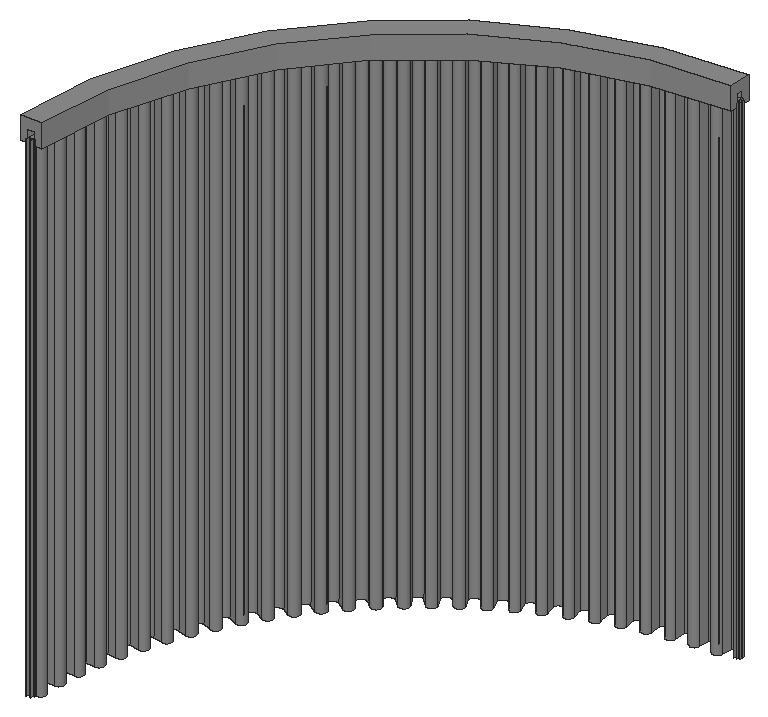
Revit family "Haworth_Pergola_Drapery_Radial", category Furniture Systems, Revit 2018
Family settings
  Round Connector Dimension = Use Diameter
  Part Type = Normal
  OmniClass Number = 23.40.70.14.64.21
  OmniClass Title = Systems Furniture
  Work Plane-Based = No
  Always vertical = Yes
  Cut with Voids When Loaded = No
  Shared = No
  Room Calculation Point = No
Parameters (values of type "72 in. radius - Closed Drapery")
  Warranty = "http://www.haworth.com/resources/product-info/warranties"
  URL - Product = "https://www.haworth.com/na/en/inspiration/pergola.html"
  URL = "http://www.haworth.com"
  Trim Finish = Haworth _ Paint _ Undecided _ Pergola
  Standard Radius = "72 in."  # constant formula
  Slat Count = ((Actual Width - (End Slat Offset * 2)) / 6") + 1  # 12
  Slat Center Offset = Actual Width - 5/256"  # 71 251/256"
  Half Open Drapery = no
  End Slat Offset = 3"  # constant formula
  End RP Angle = 2.33°  # constant formula
  Drapery Top Offset = 1/2"  # constant formula
  Curtain Finish = Haworth _ Fabic _ Undecided _ Pergola
  Closed Drapery = not(Half Open Drapery)  # yes
  Bracket Thickness = 25/128"  # constant formula
  Sustainability Info = "http://www.haworth.com/company-info/sustainablility"
  Model = "Haworth Pergola"  # constant formula
  Description = "Haworth - Pergola Drapery - Radial"  # constant formula
  Base Height = 1 1/2"  # constant formula
  Array Count = 19  # constant formula
  Actual Depth = 4"  # constant formula
  Size = "Verify Final Dim. w/ Haworth"  # constant formula
  Revision Number = "1"  # constant formula
  Min. Width = 72"  # constant formula
  Max. Width = 72"  # constant formula
  Min. Height = 89 1/2"  # constant formula
  Max. Height = 89 1/2"  # constant formula
  Manufacturer = "Haworth"  # constant formula
  Author = "Haworth (Alias)"  # constant formula
  Assembly Code = "E2020200"
  Actual Width = 72"  # constant formula
  Actual Height = 91 1/4"  # constant formula
Reference planes (in)
  plane 1 "Center F/B": y = 0
  plane 2 "Bottom": z = 0
  plane 3 "Center L/R": x = 1.5
  plane 4 "Top": z = 92.75
  plane 5 "Base Top": z = 1.5
  plane 6 "End Left Slat": x = -67.5
  plane 7: through (-75.62626, 3.14376, 48) normal (0.0407, 0.9992, 0)
  plane 8: through (1.28788, -5.20434, 48) normal (-0.9992, 0.0407, 0)
  plane 9: through (-1.63838, 77.12648, 48) normal (0.9992, 0.0407, 0)
  plane 10: through (-13.51305, -0.61191, 48) normal (-0.0407, 0.9992, 0)
  plane 11: through (-70.91521, 11.00325, 48) normal (-0.5736, 0.8192, 0)
  plane 12: through (-69.22631, 19.04957, 48) normal (-0.4848, 0.8746, 0)
  plane 13: through (-66.64653, 26.85599, 48) normal (-0.3907, 0.9205, 0)
  plane 14: through (-63.20835, 34.32422, 48) normal (-0.2756, 0.9613, 0)
  plane 15: through (-58.95507, 41.36021, 48) normal (-0.1678, 0.9858, 0)
  plane 16: through (-53.94025, 47.87535, 48) normal (-0.0563, 0.9984, 0)
  plane 17: through (-48.22704, 53.78761, 48) normal (0.0559, 0.9984, 0)
  plane 18: through (-41.88739, 59.02252, 48) normal (0.1674, 0.9859, 0)
  plane 19: through (-35.00112, 63.51417, 48) normal (0.2768, 0.9609, 0)
  plane 20: through (-27.65497, 67.20599, 48) normal (0.3827, 0.9239, 0)
  plane 21: through (-19.94143, 70.05149, 48) normal (0.4838, 0.8752, 0)
  plane 22: through (-11.95765, 72.01485, 48) normal (0.5788, 0.8154, 0)
  plane 23: through (-1.19216, 70.73572, 48) normal (-0.6666, -0.7454, 0)
  plane 24: through (-47.65328, 2.85264, 48) normal (-0.646, 0.7634, 0)
  plane 25: through (-46.39978, 11.39472, 48) normal (-0.5028, 0.8644, 0)
  plane 26: through (-43.674, 19.58669, 48) normal (-0.3441, 0.9389, 0)
  plane 27: through (-39.55969, 27.17687, 48) normal (-0.1749, 0.9846, 0)
  plane 28: through (-34.18326, 33.93205, 48) normal (-0.0003, 1, 0)
  plane 29: through (-27.7099, 39.64466, 48) normal (0.1744, 0.9847, 0)
  plane 30: through (-20.3385, 44.1392, 48) normal (0.3436, 0.9391, 0)
  plane 31: through (-9.26575, 45.5175, 48) normal (-0.5023, -0.8647, 0)
  plane 32: through (-3.82817, 48.96334, 48) normal (0.6456, 0.7637, 0)
  plane 33: x = -70.49646
  plane 34: y = 72.00016
  plane 35: x = -46.48124
  plane 36: y = 48.06262
  plane 37: z = 95.5
  plane 38: z = 92.8189
  plane 39: x = -72.51577
  plane 40: through (1.5, 0, 48) normal (-0.7071, -0.7071, 0)
  plane 41: z = 96
Forms (in)
  Sweep 1, solid, material "Haworth _ Paint _ Undecided _ Pergola" <- "Trim Finish"
    path origin (0, 0, 92.75) x (-1, 0, 0) y (0, -1, 0)
      loop
        arc (70.5, 0) -> (49.41169, -50.91169) -> (-1.5, -72) r 72
    profile origin (-49.41169, 50.91169, 92.75) x (-0.707107, 0.707107, 0) y (0, 0, 1)
      loop
        line (0.62926, 0) -> (0.62926, 0.0689) -> (-0.60209, 0.0689) -> (-0.60209, 0) -> (0.62926, 0)
  Sweep 2, solid, material "Haworth _ Paint _ Undecided _ Pergola" <- "Trim Finish"
    path origin (0, 0, 0) x (1, 0, 0) y (0, 0, 1)
      loop
        line (1.5, 92.75) -> (1.5, 1.5)
    profile origin (1.5, 0, 47.125) x (0, -1, 0) y (1, 0, 0)
      loop
        line (-72.59957, 0) -> (-71.40075, 0) -> (-71.40075, 0.0689) -> (-71.4726, 0.0689) -> (-71.4726, 0.52165) -> (-71.53461, 0.52165) -> (-71.53461, 0.0689) -> (-72.19012, 0.0689) -> (-72.19012, 0.52756) -> (-72.30823, 0.52756) -> (-72.30823, 0.0689) -> (-72.59957, 0.0689) -> (-72.59957, 0)
  Sweep 3, solid, material "Haworth _ Paint _ Undecided _ Pergola" <- "Trim Finish"
    path origin (1.5, 0, 0) x (0, 1, 0) y (0, 0, 1)
      loop
        line (0, 92.75) -> (0, 1.5)
    profile origin (1.5, 0, 47.125) x (1, 0, 0) y (0, 1, 0)
      loop
        line (-72.46201, -0.0689) -> (-71.8065, -0.0689) -> (-71.8065, -0.52756) -> (-71.68839, -0.52756) -> (-71.68839, -0.0689) -> (-71.39705, -0.0689) -> (-71.39705, 0) -> (-72.59587, 0) -> (-72.59587, -0.0689) -> (-72.52402, -0.0689) -> (-72.52402, -0.52166) -> (-72.46201, -0.52166) -> (-72.46201, -0.0689)
  Sweep 4, solid, material "Haworth _ Fabic _ Undecided _ Pergola" <- "Curtain Finish", visible <- "Closed Drapery"
    path origin (0, 0, 0) x (1, 0, 0) y (0, 0, 1)
      loop
        line (1.5, 92.25) -> (1.5, 1.5)
    profile origin (1.5, 0, 46.875) x (0, -1, 0) y (1, 0, 0)
      loop
        arc (-0.34642, -71.28857) -> (-1.20744, -70.36923) -> (-2.18115, -71.16824) r 0.92131
        line (-2.18115, -71.16824) -> (-2.41458, -72.94024)
        arc (-2.41458, -72.94024) -> (-3.36923, -73.73981) -> (-4.24749, -72.85701) r 0.92077
        line (-4.24749, -72.85701) -> (-4.3194, -71.06997)
        arc (-4.3194, -71.06997) -> (-5.1724, -70.18827) -> (-6.14505, -70.9359) r 0.92121
        line (-6.14505, -70.9359) -> (-6.47598, -72.68658)
        arc (-6.47598, -72.68658) -> (-7.47441, -73.43208) -> (-8.30254, -72.50104) r 0.92135
        line (-8.30254, -72.50104) -> (-8.27468, -70.71868)
        arc (-8.27468, -70.71868) -> (-9.07704, -69.79084) -> (-10.0898, -70.48294) r 0.92111
        line (-10.0898, -70.48294) -> (-10.51933, -72.21805)
        arc (-10.51933, -72.21805) -> (-11.55734, -72.90634) -> (-12.33186, -71.93098) r 0.92093
        line (-12.33186, -71.93098) -> (-12.20414, -70.14732)
        arc (-12.20414, -70.14732) -> (-12.95339, -69.17623) -> (-14.00311, -69.81065) r 0.92103
        line (-14.00311, -69.81065) -> (-14.52634, -71.51099)
        arc (-14.52634, -71.51099) -> (-15.60208, -72.1408) -> (-16.32155, -71.12285) r 0.92172
        line (-16.32155, -71.12285) -> (-16.09597, -69.36081)
        arc (-16.09597, -69.36081) -> (-16.79007, -68.34908) -> (-17.87391, -68.92411) r 0.92132
        line (-17.87391, -68.92411) -> (-18.49346, -70.59858)
        arc (-18.49346, -70.59858) -> (-19.60175, -71.16689) -> (-20.26273, -70.11124) r 0.92095
        line (-20.26273, -70.11124) -> (-19.93584, -68.3468)
        arc (-19.93584, -68.3468) -> (-20.57167, -67.29908) -> (-21.68467, -67.81213) r 0.92029
        line (-21.68467, -67.81213) -> (-22.39863, -69.45378)
        arc (-22.39863, -69.45378) -> (-23.53737, -69.95954) -> (-24.13863, -68.86821) r 0.92132
        line (-24.13863, -68.86821) -> (-23.71806, -67.14241)
        arc (-23.71806, -67.14241) -> (-24.2954, -66.05897) -> (-25.43727, -66.50986) r 0.92188
        line (-25.43727, -66.50986) -> (-26.23259, -68.09088)
        arc (-26.23259, -68.09088) -> (-27.39849, -68.53255) -> (-27.93822, -67.40868) r 0.92188
        line (-27.93822, -67.40868) -> (-27.42387, -65.71528)
        arc (-27.42387, -65.71528) -> (-27.93983, -64.60131) -> (-29.10509, -64.98776) r 0.92188
        line (-29.10509, -64.98776) -> (-29.98743, -66.52193)
        arc (-29.98743, -66.52193) -> (-31.17616, -66.89782) -> (-31.65231, -65.74558) r 0.92188
        line (-31.65231, -65.74558) -> (-31.04423, -64.08351)
        arc (-31.04423, -64.08351) -> (-31.4972, -62.94246) -> (-32.68221, -63.26326) r 0.92188
        line (-32.68221, -63.26326) -> (-33.64882, -64.74579)
        arc (-33.64882, -64.74579) -> (-34.85668, -65.05474) -> (-35.26777, -63.87771) r 0.92188
        line (-35.26777, -63.87771) -> (-34.56786, -62.2522)
        arc (-34.56786, -62.2522) -> (-34.95643, -61.08765) -> (-36.1575, -61.3418) r 0.92188
        line (-36.1575, -61.3418) -> (-37.20535, -62.76805)
        arc (-37.20535, -62.76805) -> (-38.42858, -63.00909) -> (-38.77332, -61.81095) r 0.92188
        line (-38.77332, -61.81095) -> (-37.98377, -60.22704)
        arc (-37.98377, -60.22704) -> (-38.30673, -59.04261) -> (-39.52011, -59.22933) r 0.92188
        line (-39.52011, -59.22933) -> (-40.64595, -60.59487)
        arc (-40.64595, -60.59487) -> (-41.88073, -60.76726) -> (-42.15805, -59.55174) r 0.92188
        line (-42.15805, -59.55174) -> (-41.2813, -58.01436)
        arc (-41.2813, -58.01436) -> (-41.53764, -56.81375) -> (-42.75956, -56.93244) r 0.92188
        line (-42.75956, -56.93244) -> (-43.95986, -58.233)
        arc (-43.95986, -58.233) -> (-45.20233, -58.33619) -> (-45.41137, -57.10709) r 0.92188
        line (-45.41137, -57.10709) -> (-44.45018, -55.62106)
        arc (-44.45018, -55.62106) -> (-44.6391, -54.40801) -> (-45.86574, -54.45831) r 0.92188
        line (-45.86574, -54.45831) -> (-47.13676, -55.68983)
        arc (-47.13676, -55.68983) -> (-48.38305, -55.7235) -> (-48.52316, -54.48465) r 0.92188
        line (-48.52316, -54.48465) -> (-47.48051, -53.05459)
        arc (-47.48051, -53.05459) -> (-47.60142, -51.83289) -> (-48.82895, -51.81463) r 0.92188
        line (-48.82895, -51.81463) -> (-50.16675, -52.97329)
        arc (-50.16675, -52.97329) -> (-51.41298, -52.93734) -> (-51.48371, -51.69259) r 0.92188
        line (-51.48371, -51.69259) -> (-50.36286, -50.32297)
        arc (-50.36286, -50.32297) -> (-50.41539, -49.09643) -> (-51.63999, -49.00968) r 0.92188
        line (-51.63999, -49.00968) -> (-53.04037, -50.09184)
        arc (-53.04037, -50.09184) -> (-54.28265, -49.98639) -> (-54.28379, -48.73963) r 0.92188
        line (-54.28379, -48.73963) -> (-53.08825, -47.43473)
        arc (-53.08825, -47.43473) -> (-53.07222, -46.20716) -> (-54.29007, -46.05219) r 0.92188
        line (-54.29007, -46.05219) -> (-55.74868, -47.0545)
        arc (-55.74868, -47.0545) -> (-56.98314, -46.87986) -> (-56.91468, -45.63498) r 0.92188
        line (-56.91468, -45.63498) -> (-55.64813, -44.39883)
        arc (-55.64813, -44.39883) -> (-55.56361, -43.17407) -> (-56.7709, -42.95136) r 0.92188
        line (-56.7709, -42.95136) -> (-58.2832, -43.87069)
        arc (-58.2832, -43.87069) -> (-59.50599, -43.62742) -> (-59.36815, -42.38831) r 0.92188
        line (-59.36815, -42.38831) -> (-58.03458, -41.22479)
        arc (-58.03458, -41.22479) -> (-57.88182, -40.00666) -> (-59.0748, -39.7169) r 0.92188
        line (-59.0748, -39.7169) -> (-60.63605, -40.55037)
        arc (-60.63605, -40.55037) -> (-61.84336, -40.23922) -> (-61.63656, -39.00974) r 0.92188
        line (-61.63656, -39.00974) -> (-60.24012, -37.92247)
        arc (-60.24012, -37.92247) -> (-60.0196, -36.71477) -> (-61.19455, -36.35886) r 0.92188
        line (-61.19455, -36.35886) -> (-62.79988, -37.10389)
        arc (-62.79988, -37.10389) -> (-63.98793, -36.72582) -> (-63.71282, -35.5098) r 0.92188
        line (-63.71282, -35.5098) -> (-62.25788, -34.50219)
        arc (-62.25788, -34.50219) -> (-61.97029, -33.30868) -> (-63.12353, -32.88774) r 0.92188
        line (-63.12353, -32.88774) -> (-64.76795, -33.54199)
        arc (-64.76795, -33.54199) -> (-65.93305, -33.0982) -> (-65.59048, -31.89943) r 0.92188
        line (-65.59048, -31.89943) -> (-64.08155, -30.97459)
        arc (-64.08155, -30.97459) -> (-63.72778, -29.799) -> (-64.85573, -29.31434) r 0.92188
        line (-64.85573, -29.31434) -> (-66.53411, -29.87578)
        arc (-66.53411, -29.87578) -> (-67.67262, -29.36764) -> (-67.26367, -28.18986) r 0.92188
        line (-67.26367, -28.18986) -> (-65.70548, -27.35071)
        arc (-65.70548, -27.35071) -> (-65.28664, -26.1967) -> (-66.38578, -25.64983) r 0.92188
        line (-66.38578, -25.64983) -> (-68.09289, -26.11671)
        arc (-68.09289, -26.11671) -> (-69.20125, -25.54581) -> (-68.7272, -24.39269) r 0.92188
        line (-68.7272, -24.39269) -> (-67.12458, -23.64182)
        arc (-67.12458, -23.64182) -> (-66.64198, -22.51299) -> (-67.70887, -21.90562) r 0.92188
        line (-67.70887, -21.90562) -> (-69.43938, -22.27647)
        arc (-69.43938, -22.27647) -> (-70.51415, -21.64459) -> (-69.97647, -20.51974) r 0.92188
        line (-69.97647, -20.51974) -> (-68.33443, -19.8595)
        arc (-68.33443, -19.8595) -> (-67.78957, -18.75937) -> (-68.8209, -18.0934) r 0.92188
        line (-68.8209, -18.0934) -> (-70.56941, -18.36707)
        arc (-70.56941, -18.36707) -> (-71.60723, -17.67618) -> (-71.0076, -16.5831) r 0.92188
        line (-71.0076, -16.5831) -> (-69.33128, -16.01555)
        arc (-69.33128, -16.01555) -> (-68.72585, -14.94755) -> (-69.7184, -14.22504) r 0.92188
        line (-69.7184, -14.22504) -> (-71.47945, -14.40068)
        arc (-71.47945, -14.40068) -> (-72.47708, -13.65294) -> (-71.81737, -12.59503) r 0.92188
        line (-71.81737, -12.59503) -> (-70.11197, -12.12194)
        arc (-70.11197, -12.12194) -> (-69.44787, -11.0894) -> (-70.39854, -10.31261) r 0.92188
        line (-70.39854, -10.31261) -> (-72.16666, -10.38967)
        arc (-72.16666, -10.38967) -> (-73.121, -9.58741) -> (-72.40326, -8.56797) r 0.92188
        line (-72.40326, -8.56797) -> (-70.67411, -8.19082)
        arc (-70.67411, -8.19082) -> (-69.95341, -7.19696) -> (-70.85924, -6.36832) r 0.92188
        line (-70.85924, -6.36832) -> (-72.6289, -6.34656)
        arc (-72.6289, -6.34656) -> (-73.53697, -5.49227) -> (-72.76344, -4.5145) r 0.92188
        line (-72.76344, -4.5145) -> (-71.01594, -4.23446)
        arc (-71.01594, -4.23446) -> (-70.24088, -3.28238) -> (-71.09904, -2.40446) r 0.92188
        line (-71.09904, -2.40446) -> (-72.85387, -2.28469)
        arc (-72.85387, -2.28469) -> (-73.71244, -1.33355) -> (-72.7911, -0.44308) r 0.92188
        line (-72.7911, -0.44308) -> (-71.22883, -0.44308) -> (-71.22883, -0.41183) -> (-72.7911, -0.41183)
        arc (-72.7911, -0.41183) -> (-73.74367, -1.33249) -> (-72.856, -2.31587) r 0.95313
        line (-72.856, -2.31587) -> (-71.10117, -2.43564)
        arc (-71.10117, -2.43564) -> (-70.2721, -3.28379) -> (-71.02088, -4.2036) r 0.89062
        line (-71.02088, -4.2036) -> (-72.76838, -4.48364)
        arc (-72.76838, -4.48364) -> (-73.56813, -5.49456) -> (-72.62928, -6.37781) r 0.95313
        line (-72.62928, -6.37781) -> (-70.85962, -6.39957)
        arc (-70.85962, -6.39957) -> (-69.9845, -7.20012) -> (-70.68077, -8.16029) r 0.89062
        line (-70.68077, -8.16029) -> (-72.40992, -8.53744)
        arc (-72.40992, -8.53744) -> (-73.15199, -9.59143) -> (-72.1653, -10.42089) r 0.95313
        line (-72.1653, -10.42089) -> (-70.39718, -10.34383)
        arc (-70.39718, -10.34383) -> (-69.47874, -11.09429) -> (-70.12032, -12.09183) r 0.89062
        line (-70.12032, -12.09183) -> (-71.82572, -12.56491)
        arc (-71.82572, -12.56491) -> (-72.5078, -13.65868) -> (-71.47635, -14.43177) r 0.95313
        line (-71.47635, -14.43177) -> (-69.7153, -14.25613)
        arc (-69.7153, -14.25613) -> (-68.7564, -14.95415) -> (-69.3413, -15.98595) r 0.89062
        line (-69.3413, -15.98595) -> (-71.01762, -16.5535)
        arc (-71.01762, -16.5535) -> (-71.63758, -17.68363) -> (-70.56458, -18.39794) r 0.95313
        line (-70.56458, -18.39794) -> (-68.81607, -18.12427)
        arc (-68.81607, -18.12427) -> (-67.8197, -18.76767) -> (-68.34609, -19.83051) r 0.89062
        line (-68.34609, -19.83051) -> (-69.98813, -20.49075)
        arc (-69.98813, -20.49075) -> (-70.54403, -21.65373) -> (-69.43283, -22.30703) r 0.95313
        line (-69.43283, -22.30703) -> (-67.70233, -21.93618)
        arc (-67.70233, -21.93618) -> (-66.6716, -22.52296) -> (-67.13784, -23.61353) r 0.89062
        line (-67.13784, -23.61353) -> (-68.74046, -24.3644)
        arc (-68.74046, -24.3644) -> (-69.23058, -25.5566) -> (-68.08464, -26.14685) r 0.95313
        line (-68.08464, -26.14685) -> (-66.37754, -25.67998)
        arc (-66.37754, -25.67998) -> (-65.31566, -26.2083) -> (-65.72029, -27.32319) r 0.89062
        line (-65.72029, -27.32319) -> (-67.27849, -28.16235)
        arc (-67.27849, -28.16235) -> (-67.7013, -29.38005) -> (-66.5242, -29.90542) r 0.95313
        line (-66.5242, -29.90542) -> (-64.84582, -29.34398)
        arc (-64.84582, -29.34398) -> (-63.75611, -29.81221) -> (-64.09788, -30.94795) r 0.89062
        line (-64.09788, -30.94795) -> (-65.60681, -31.87278)
        arc (-65.60681, -31.87278) -> (-65.96099, -33.11219) -> (-64.7564, -33.57103) r 0.95313
        line (-64.7564, -33.57103) -> (-63.11198, -32.91678)
        arc (-63.11198, -32.91678) -> (-61.99783, -33.32345) -> (-62.27567, -34.4765) r 0.89062
        line (-62.27567, -34.4765) -> (-63.73061, -35.48411)
        arc (-63.73061, -35.48411) -> (-64.01505, -36.74135) -> (-62.78672, -37.13223) r 0.95313
        line (-62.78672, -37.13223) -> (-61.18139, -36.38721)
        arc (-61.18139, -36.38721) -> (-60.04628, -36.73105) -> (-60.25932, -37.89781) r 0.89062
        line (-60.25932, -37.89781) -> (-61.65575, -38.98508)
        arc (-61.65575, -38.98508) -> (-61.86956, -40.25624) -> (-60.62134, -40.57794) r 0.95313
        line (-60.62134, -40.57794) -> (-59.06009, -39.74446)
        arc (-59.06009, -39.74446) -> (-57.90754, -40.02441) -> (-58.05513, -41.20124) r 0.89062
        line (-58.05513, -41.20124) -> (-59.38869, -42.36476)
        arc (-59.38869, -42.36476) -> (-59.53121, -43.64587) -> (-58.26697, -43.8974) r 0.95313
        line (-58.26697, -43.8974) -> (-56.75467, -42.97806)
        arc (-56.75467, -42.97806) -> (-55.5883, -43.19323) -> (-55.66996, -44.37646) r 0.89062
        line (-55.66996, -44.37646) -> (-56.9365, -45.61262)
        arc (-56.9365, -45.61262) -> (-57.00729, -46.89969) -> (-55.73098, -47.08025) r 0.95313
        line (-55.73098, -47.08025) -> (-54.27237, -46.07794)
        arc (-54.27237, -46.07794) -> (-53.09581, -46.22767) -> (-53.11129, -47.41361) r 0.89062
        line (-53.11129, -47.41361) -> (-54.30683, -48.71852)
        arc (-54.30683, -48.71852) -> (-54.30565, -50.00754) -> (-53.02126, -50.11657) r 0.95313
        line (-53.02126, -50.11657) -> (-51.62088, -49.0344)
        arc (-51.62088, -49.0344) -> (-50.43779, -49.11822) -> (-50.38705, -50.30318) r 0.89062
        line (-50.38705, -50.30318) -> (-51.5079, -51.6728)
        arc (-51.5079, -51.6728) -> (-51.43477, -52.95974) -> (-50.14629, -52.99691) r 0.95313
        line (-50.14629, -52.99691) -> (-48.80849, -51.83825)
        arc (-48.80849, -51.83825) -> (-47.62257, -51.85589) -> (-47.50576, -53.03618) r 0.89062
        line (-47.50576, -53.03618) -> (-48.54841, -54.46624)
        arc (-48.54841, -54.46624) -> (-48.40356, -55.74709) -> (-47.11501, -55.71227) r 0.95313
        line (-47.11501, -55.71227) -> (-45.84399, -54.48075)
        arc (-45.84399, -54.48075) -> (-44.65893, -54.43216) -> (-44.47642, -55.60409) r 0.89062
        line (-44.47642, -55.60409) -> (-45.43761, -57.09011)
        arc (-45.43761, -57.09011) -> (-45.22149, -58.36088) -> (-43.93689, -58.25419) r 0.95313
        line (-43.93689, -58.25419) -> (-42.7366, -56.95364)
        arc (-42.7366, -56.95364) -> (-41.5561, -56.83897) -> (-41.30845, -57.99888) r 0.89062
        line (-41.30845, -57.99888) -> (-42.1852, -59.53626)
        arc (-42.1852, -59.53626) -> (-41.89847, -60.79298) -> (-40.62184, -60.61475) r 0.95313
        line (-40.62184, -60.61475) -> (-39.496, -59.24921)
        arc (-39.496, -59.24921) -> (-38.32375, -59.06882) -> (-38.01174, -60.2131) r 0.89062
        line (-38.01174, -60.2131) -> (-38.80129, -61.79701)
        arc (-38.80129, -61.79701) -> (-38.44486, -63.03577) -> (-37.18017, -62.78655) r 0.95313
        line (-37.18017, -62.78655) -> (-36.13232, -61.36031)
        arc (-36.13232, -61.36031) -> (-34.97196, -61.11477) -> (-34.59656, -62.23985) r 0.89062
        line (-34.59656, -62.23985) -> (-35.29647, -63.86535)
        arc (-35.29647, -63.86535) -> (-34.87145, -65.08228) -> (-33.62264, -64.76286) r 0.95313
        line (-33.62264, -64.76286) -> (-32.65603, -63.28033)
        arc (-32.65603, -63.28033) -> (-31.51119, -62.9704) -> (-31.07357, -64.07277) r 0.89062
        line (-31.07357, -64.07277) -> (-31.68166, -65.73484)
        arc (-31.68166, -65.73484) -> (-31.18937, -66.92615) -> (-29.96034, -66.53751) r 0.95313
        line (-29.96034, -66.53751) -> (-29.078, -65.00334)
        arc (-29.078, -65.00334) -> (-27.95224, -64.62999) -> (-27.45377, -65.7062) r 0.89062
        line (-27.45377, -65.7062) -> (-27.96812, -67.3996)
        arc (-27.96812, -67.3996) -> (-27.4101, -68.56157) -> (-26.20467, -68.10493) r 0.95313
        line (-26.20467, -68.10493) -> (-25.40935, -66.52391)
        arc (-25.40935, -66.52391) -> (-24.30619, -66.0883) -> (-23.74842, -67.13501) r 0.89062
        line (-23.74842, -67.13501) -> (-24.16899, -68.86081)
        arc (-24.16899, -68.86081) -> (-23.54734, -69.98916) -> (-22.36998, -69.46625) r 0.95257
        line (-22.36998, -69.46625) -> (-21.65601, -67.82459)
        arc (-21.65601, -67.82459) -> (-20.58081, -67.32896) -> (-19.96657, -68.3411) r 0.88904
        line (-19.96657, -68.3411) -> (-20.29345, -70.10555)
        arc (-20.29345, -70.10555) -> (-19.61005, -71.19702) -> (-18.46415, -70.60942) r 0.9522
        line (-18.46415, -70.60942) -> (-17.8446, -68.93495)
        arc (-17.8446, -68.93495) -> (-16.79752, -68.37943) -> (-16.12697, -69.35684) r 0.89007
        line (-16.12697, -69.35684) -> (-16.35255, -71.11888)
        arc (-16.35255, -71.11888) -> (-15.60868, -72.17135) -> (-14.49647, -71.52018) r 0.95297
        line (-14.49647, -71.52018) -> (-13.97324, -69.81984)
        arc (-13.97324, -69.81984) -> (-12.95914, -69.20694) -> (-12.23531, -70.14508) r 0.88978
        line (-12.23531, -70.14508) -> (-12.36303, -71.92874)
        arc (-12.36303, -71.92874) -> (-11.56223, -72.93721) -> (-10.489, -72.22556) r 0.95218
        line (-10.489, -72.22556) -> (-10.05946, -70.49045)
        arc (-10.05946, -70.49045) -> (-9.08107, -69.82183) -> (-8.30592, -70.71819) r 0.88986
        line (-8.30592, -70.71819) -> (-8.33379, -72.50055)
        arc (-8.33379, -72.50055) -> (-7.47757, -73.46317) -> (-6.44527, -72.69238) r 0.9526
        line (-6.44527, -72.69238) -> (-6.11434, -70.94171)
        arc (-6.11434, -70.94171) -> (-5.17469, -70.21944) -> (-4.35062, -71.07123) r 0.88996
        line (-4.35062, -71.07123) -> (-4.27871, -72.85826)
        arc (-4.27871, -72.85826) -> (-3.37065, -73.77102) -> (-2.3836, -72.94432) r 0.95202
        line (-2.3836, -72.94432) -> (-2.15017, -71.17232)
        arc (-2.15017, -71.17232) -> (-1.20949, -70.40041) -> (-0.37767, -71.28857) r 0.89006
        line (-0.37767, -71.28857) -> (-0.37767, -72.88848) -> (-0.34642, -72.88848) -> (-0.34642, -71.28857)
  Sweep 5, solid, material "Haworth _ Fabic _ Undecided _ Pergola" <- "Curtain Finish", visible <- "Half Open Drapery"
    path origin (0, 0, 0) x (1, 0, 0) y (0, 0, 1)
      loop
        line (1.5, 92.25) -> (1.5, 1.5)
    profile origin (1.5, 0, 46.875) x (0, -1, 0) y (1, 0, 0)
      loop
        arc (-0.34642, -71.28857) -> (-1.20744, -70.36923) -> (-2.18115, -71.16824) r 0.92131
        line (-2.18115, -71.16824) -> (-2.41458, -72.94024)
        arc (-2.41458, -72.94024) -> (-3.36923, -73.73981) -> (-4.24749, -72.85701) r 0.92077
        line (-4.24749, -72.85701) -> (-4.3194, -71.06997)
        arc (-4.3194, -71.06997) -> (-5.1724, -70.18827) -> (-6.14505, -70.9359) r 0.92121
        line (-6.14505, -70.9359) -> (-6.47598, -72.68658)
        arc (-6.47598, -72.68658) -> (-7.47441, -73.43208) -> (-8.30254, -72.50104) r 0.92135
        line (-8.30254, -72.50104) -> (-8.27468, -70.71868)
        arc (-8.27468, -70.71868) -> (-9.07704, -69.79084) -> (-10.0898, -70.48294) r 0.92111
        line (-10.0898, -70.48294) -> (-10.51933, -72.21805)
        arc (-10.51933, -72.21805) -> (-11.55734, -72.90634) -> (-12.33186, -71.93098) r 0.92093
        line (-12.33186, -71.93098) -> (-12.20414, -70.14732)
        arc (-12.20414, -70.14732) -> (-12.95339, -69.17623) -> (-14.00311, -69.81065) r 0.92103
        line (-14.00311, -69.81065) -> (-14.52634, -71.51099)
        arc (-14.52634, -71.51099) -> (-15.60208, -72.1408) -> (-16.32155, -71.12285) r 0.92172
        line (-16.32155, -71.12285) -> (-16.09597, -69.36081)
        arc (-16.09597, -69.36081) -> (-16.79007, -68.34908) -> (-17.87391, -68.92411) r 0.92132
        line (-17.87391, -68.92411) -> (-18.49346, -70.59858)
        arc (-18.49346, -70.59858) -> (-19.60175, -71.16689) -> (-20.26273, -70.11124) r 0.92095
        line (-20.26273, -70.11124) -> (-19.93584, -68.3468)
        arc (-19.93584, -68.3468) -> (-20.57167, -67.29908) -> (-21.68467, -67.81213) r 0.92029
        line (-21.68467, -67.81213) -> (-22.39863, -69.45378)
        arc (-22.39863, -69.45378) -> (-23.53737, -69.95954) -> (-24.13863, -68.86821) r 0.92132
        line (-24.13863, -68.86821) -> (-23.71806, -67.14241)
        arc (-23.71806, -67.14241) -> (-24.2954, -66.05897) -> (-25.43727, -66.50986) r 0.92188
        line (-25.43727, -66.50986) -> (-26.23259, -68.09088)
        arc (-26.23259, -68.09088) -> (-27.39849, -68.53255) -> (-27.93822, -67.40868) r 0.92188
        line (-27.93822, -67.40868) -> (-27.42387, -65.71528)
        arc (-27.42387, -65.71528) -> (-27.93983, -64.60131) -> (-29.10509, -64.98776) r 0.92188
        line (-29.10509, -64.98776) -> (-29.98743, -66.52193)
        arc (-29.98743, -66.52193) -> (-31.17616, -66.89782) -> (-31.65231, -65.74558) r 0.92188
        line (-31.65231, -65.74558) -> (-31.04423, -64.08351)
        arc (-31.04423, -64.08351) -> (-31.4972, -62.94246) -> (-32.68221, -63.26326) r 0.92188
        line (-32.68221, -63.26326) -> (-33.64882, -64.74579)
        arc (-33.64882, -64.74579) -> (-34.85668, -65.05474) -> (-35.26777, -63.87771) r 0.92188
        line (-35.26777, -63.87771) -> (-34.56786, -62.2522)
        arc (-34.56786, -62.2522) -> (-34.95643, -61.08765) -> (-36.1575, -61.3418) r 0.92188
        line (-36.1575, -61.3418) -> (-37.20535, -62.76805)
        arc (-37.20535, -62.76805) -> (-38.42858, -63.00909) -> (-38.77332, -61.81095) r 0.92188
        line (-38.77332, -61.81095) -> (-37.98377, -60.22704)
        arc (-37.98377, -60.22704) -> (-38.30673, -59.04261) -> (-39.52011, -59.22933) r 0.92188
        line (-39.52011, -59.22933) -> (-40.64595, -60.59487)
        arc (-40.64595, -60.59487) -> (-41.88073, -60.76726) -> (-42.15805, -59.55174) r 0.92188
        line (-42.15805, -59.55174) -> (-41.2813, -58.01436)
        arc (-41.2813, -58.01436) -> (-41.53764, -56.81375) -> (-42.75956, -56.93244) r 0.92188
        line (-42.75956, -56.93244) -> (-43.95986, -58.233)
        arc (-43.95986, -58.233) -> (-45.20233, -58.33619) -> (-45.41137, -57.10709) r 0.92188
        line (-45.41137, -57.10709) -> (-44.45018, -55.62106)
        arc (-44.45018, -55.62106) -> (-44.6391, -54.40801) -> (-45.86574, -54.45831) r 0.92188
        line (-45.86574, -54.45831) -> (-47.13676, -55.68983)
        arc (-47.13676, -55.68983) -> (-48.38305, -55.7235) -> (-48.52316, -54.48465) r 0.92188
        line (-48.52316, -54.48465) -> (-47.48051, -53.05459)
        arc (-47.48051, -53.05459) -> (-47.60142, -51.83289) -> (-48.82895, -51.81463) r 0.92188
        line (-48.82895, -51.81463) -> (-50.16675, -52.97329)
        arc (-50.16675, -52.97329) -> (-51.41298, -52.93734) -> (-51.48371, -51.69259) r 0.92188
        line (-51.48371, -51.69259) -> (-50.36484, -50.32539) -> (-50.38705, -50.30318) -> (-51.5079, -51.6728)
        arc (-51.5079, -51.6728) -> (-51.43477, -52.95974) -> (-50.14629, -52.99691) r 0.95313
        line (-50.14629, -52.99691) -> (-48.80849, -51.83825)
        arc (-48.80849, -51.83825) -> (-47.62257, -51.85589) -> (-47.50576, -53.03618) r 0.89062
        line (-47.50576, -53.03618) -> (-48.54841, -54.46624)
        arc (-48.54841, -54.46624) -> (-48.40356, -55.74709) -> (-47.11501, -55.71227) r 0.95313
        line (-47.11501, -55.71227) -> (-45.84399, -54.48075)
        arc (-45.84399, -54.48075) -> (-44.65893, -54.43216) -> (-44.47642, -55.60409) r 0.89062
        line (-44.47642, -55.60409) -> (-45.43761, -57.09011)
        arc (-45.43761, -57.09011) -> (-45.22149, -58.36088) -> (-43.93689, -58.25419) r 0.95313
        line (-43.93689, -58.25419) -> (-42.7366, -56.95364)
        arc (-42.7366, -56.95364) -> (-41.5561, -56.83897) -> (-41.30845, -57.99888) r 0.89062
        line (-41.30845, -57.99888) -> (-42.1852, -59.53626)
        arc (-42.1852, -59.53626) -> (-41.89847, -60.79298) -> (-40.62184, -60.61475) r 0.95313
        line (-40.62184, -60.61475) -> (-39.496, -59.24921)
        arc (-39.496, -59.24921) -> (-38.32375, -59.06882) -> (-38.01174, -60.2131) r 0.89062
        line (-38.01174, -60.2131) -> (-38.80129, -61.79701)
        arc (-38.80129, -61.79701) -> (-38.44486, -63.03577) -> (-37.18017, -62.78655) r 0.95313
        line (-37.18017, -62.78655) -> (-36.13232, -61.36031)
        arc (-36.13232, -61.36031) -> (-34.97196, -61.11477) -> (-34.59656, -62.23985) r 0.89062
        line (-34.59656, -62.23985) -> (-35.29647, -63.86535)
        arc (-35.29647, -63.86535) -> (-34.87145, -65.08228) -> (-33.62264, -64.76286) r 0.95313
        line (-33.62264, -64.76286) -> (-32.65603, -63.28033)
        arc (-32.65603, -63.28033) -> (-31.51119, -62.9704) -> (-31.07357, -64.07277) r 0.89062
        line (-31.07357, -64.07277) -> (-31.68166, -65.73484)
        arc (-31.68166, -65.73484) -> (-31.18937, -66.92615) -> (-29.96034, -66.53751) r 0.95313
        line (-29.96034, -66.53751) -> (-29.078, -65.00334)
        arc (-29.078, -65.00334) -> (-27.95224, -64.62999) -> (-27.45377, -65.7062) r 0.89062
        line (-27.45377, -65.7062) -> (-27.96812, -67.3996)
        arc (-27.96812, -67.3996) -> (-27.4101, -68.56157) -> (-26.20467, -68.10493) r 0.95313
        line (-26.20467, -68.10493) -> (-25.40935, -66.52391)
        arc (-25.40935, -66.52391) -> (-24.30619, -66.0883) -> (-23.74842, -67.13501) r 0.89062
        line (-23.74842, -67.13501) -> (-24.16899, -68.86081)
        arc (-24.16899, -68.86081) -> (-23.54734, -69.98916) -> (-22.36998, -69.46625) r 0.95257
        line (-22.36998, -69.46625) -> (-21.65601, -67.82459)
        arc (-21.65601, -67.82459) -> (-20.58081, -67.32896) -> (-19.96657, -68.3411) r 0.88904
        line (-19.96657, -68.3411) -> (-20.29345, -70.10555)
        arc (-20.29345, -70.10555) -> (-19.61005, -71.19702) -> (-18.46415, -70.60942) r 0.9522
        line (-18.46415, -70.60942) -> (-17.8446, -68.93495)
        arc (-17.8446, -68.93495) -> (-16.79752, -68.37943) -> (-16.12697, -69.35684) r 0.89007
        line (-16.12697, -69.35684) -> (-16.35255, -71.11888)
        arc (-16.35255, -71.11888) -> (-15.60868, -72.17135) -> (-14.49647, -71.52018) r 0.95297
        line (-14.49647, -71.52018) -> (-13.97324, -69.81984)
        arc (-13.97324, -69.81984) -> (-12.95914, -69.20694) -> (-12.23531, -70.14508) r 0.88978
        line (-12.23531, -70.14508) -> (-12.36303, -71.92874)
        arc (-12.36303, -71.92874) -> (-11.56223, -72.93721) -> (-10.489, -72.22556) r 0.95218
        line (-10.489, -72.22556) -> (-10.05946, -70.49045)
        arc (-10.05946, -70.49045) -> (-9.08107, -69.82183) -> (-8.30592, -70.71819) r 0.88986
        line (-8.30592, -70.71819) -> (-8.33379, -72.50055)
        arc (-8.33379, -72.50055) -> (-7.47757, -73.46317) -> (-6.44527, -72.69238) r 0.9526
        line (-6.44527, -72.69238) -> (-6.11434, -70.94171)
        arc (-6.11434, -70.94171) -> (-5.17469, -70.21944) -> (-4.35062, -71.07123) r 0.88996
        line (-4.35062, -71.07123) -> (-4.27871, -72.85826)
        arc (-4.27871, -72.85826) -> (-3.37065, -73.77102) -> (-2.3836, -72.94432) r 0.95202
        line (-2.3836, -72.94432) -> (-2.15017, -71.17232)
        arc (-2.15017, -71.17232) -> (-1.20949, -70.40041) -> (-0.37767, -71.28857) r 0.89006
        line (-0.37767, -71.28857) -> (-0.37767, -72.88848) -> (-0.34642, -72.88848) -> (-0.34642, -71.28857)
Lines and regions (in)
  Masking region 1
    outline origin (0, 0, 0) x (1, 0, 0) y (0, 1, 0)
      loop
        arc (1.5, 74.01577) -> (-50.83705, 52.33705) -> (-72.51577, 0) r 74.01577
        line (-72.51577, 0) -> (-68.51577, 0)
        arc (-68.51577, 0) -> (-48.00862, 49.50862) -> (1.5, 70.01577) r 70.01577
        line (1.5, 70.01577) -> (1.5, 74.01577)
  symbolic lines, style "FurnitureSystemsHiddenLines"
    curve 1: line (-71.38848, 0.34642, 0) -> (-69.78857, 0.34642, 0)
    curve 2: arc (-69.78857, 0.34642, 0) -> (-68.86923, 1.20744, 0) -> (-69.66824, 2.18115, 0) r 0.92131
    curve 3: line (-69.66824, 2.18115, 0) -> (-71.44024, 2.41458, 0)
    curve 4: arc (-71.44024, 2.41458, 0) -> (-72.23981, 3.36923, 0) -> (-71.35701, 4.24749, 0) r 0.92077
    curve 5: line (-71.35701, 4.24749, 0) -> (-69.56997, 4.3194, 0)
    curve 6: arc (-69.56997, 4.3194, 0) -> (-68.68827, 5.1724, 0) -> (-69.4359, 6.14505, 0) r 0.92121
    curve 7: line (-69.4359, 6.14505, 0) -> (-71.18658, 6.47598, 0)
    curve 8: arc (-71.18658, 6.47598, 0) -> (-71.93208, 7.47441, 0) -> (-71.00104, 8.30254, 0) r 0.92135
    curve 9: line (-71.00104, 8.30254, 0) -> (-69.21868, 8.27468, 0)
    curve 10: arc (-69.21868, 8.27468, 0) -> (-68.29084, 9.07704, 0) -> (-68.98294, 10.0898, 0) r 0.92111
    curve 11: line (-68.98294, 10.0898, 0) -> (-70.71805, 10.51933, 0)
    curve 12: arc (-70.71805, 10.51933, 0) -> (-71.40634, 11.55734, 0) -> (-70.43098, 12.33186, 0) r 0.92093
    curve 13: line (-70.43098, 12.33186, 0) -> (-68.64732, 12.20414, 0)
    curve 14: arc (-68.64732, 12.20414, 0) -> (-67.67623, 12.95339, 0) -> (-68.31065, 14.00311, 0) r 0.92103
    curve 15: line (-68.31065, 14.00311, 0) -> (-70.01099, 14.52634, 0)
    curve 16: arc (-70.01099, 14.52634, 0) -> (-70.6408, 15.60208, 0) -> (-69.62285, 16.32155, 0) r 0.92172
    curve 17: line (-69.62285, 16.32155, 0) -> (-67.86081, 16.09597, 0)
    curve 18: arc (-67.86081, 16.09597, 0) -> (-66.84908, 16.79007, 0) -> (-67.42411, 17.87391, 0) r 0.92132
    curve 19: line (-67.42411, 17.87391, 0) -> (-69.09858, 18.49346, 0)
    curve 20: arc (-69.09858, 18.49346, 0) -> (-69.66689, 19.60175, 0) -> (-68.61124, 20.26273, 0) r 0.92095
    curve 21: line (-68.61124, 20.26273, 0) -> (-66.8468, 19.93584, 0)
    curve 22: arc (-66.8468, 19.93584, 0) -> (-65.79908, 20.57167, 0) -> (-66.31213, 21.68467, 0) r 0.92029
    curve 23: line (-66.31213, 21.68467, 0) -> (-67.95378, 22.39863, 0)
    curve 24: arc (-67.95378, 22.39863, 0) -> (-68.45954, 23.53737, 0) -> (-67.36821, 24.13863, 0) r 0.92132
    curve 25: line (-67.36821, 24.13863, 0) -> (-65.64241, 23.71806, 0)
    curve 26: arc (-65.64241, 23.71806, 0) -> (-64.55897, 24.2954, 0) -> (-65.00986, 25.43727, 0) r 0.92188
    curve 27: line (-65.00986, 25.43727, 0) -> (-66.59088, 26.23259, 0)
    curve 28: arc (-66.59088, 26.23259, 0) -> (-67.03255, 27.39849, 0) -> (-65.90868, 27.93822, 0) r 0.92188
    curve 29: line (-65.90868, 27.93822, 0) -> (-64.21528, 27.42387, 0)
    curve 30: arc (-64.21528, 27.42387, 0) -> (-63.10131, 27.93983, 0) -> (-63.48776, 29.10509, 0) r 0.92188
    curve 31: line (-63.48776, 29.10509, 0) -> (-65.02193, 29.98743, 0)
    curve 32: arc (-65.02193, 29.98743, 0) -> (-65.39782, 31.17616, 0) -> (-64.24558, 31.65231, 0) r 0.92188
    curve 33: line (-64.24558, 31.65231, 0) -> (-62.58351, 31.04423, 0)
    curve 34: arc (-62.58351, 31.04423, 0) -> (-61.44246, 31.4972, 0) -> (-61.76326, 32.68221, 0) r 0.92188
    curve 35: line (-61.76326, 32.68221, 0) -> (-63.24579, 33.64882, 0)
    curve 36: arc (-63.24579, 33.64882, 0) -> (-63.55474, 34.85668, 0) -> (-62.37771, 35.26777, 0) r 0.92188
    curve 37: line (-62.37771, 35.26777, 0) -> (-60.7522, 34.56786, 0)
    curve 38: arc (-60.7522, 34.56786, 0) -> (-59.58765, 34.95643, 0) -> (-59.8418, 36.1575, 0) r 0.92188
    curve 39: line (-59.8418, 36.1575, 0) -> (-61.26805, 37.20535, 0)
    curve 40: arc (-61.26805, 37.20535, 0) -> (-61.50909, 38.42858, 0) -> (-60.31095, 38.77332, 0) r 0.92188
    curve 41: line (-60.31095, 38.77332, 0) -> (-58.72704, 37.98377, 0)
    curve 42: arc (-58.72704, 37.98377, 0) -> (-57.54261, 38.30673, 0) -> (-57.72933, 39.52011, 0) r 0.92188
    curve 43: line (-57.72933, 39.52011, 0) -> (-59.09487, 40.64595, 0)
    curve 44: arc (-59.09487, 40.64595, 0) -> (-59.26726, 41.88073, 0) -> (-58.05174, 42.15805, 0) r 0.92188
    curve 45: line (-58.05174, 42.15805, 0) -> (-56.51436, 41.2813, 0)
    curve 46: arc (-56.51436, 41.2813, 0) -> (-55.31375, 41.53764, 0) -> (-55.43244, 42.75956, 0) r 0.92188
    curve 47: line (-55.43244, 42.75956, 0) -> (-56.733, 43.95986, 0)
    curve 48: arc (-56.733, 43.95986, 0) -> (-56.83619, 45.20233, 0) -> (-55.60709, 45.41137, 0) r 0.92188
    curve 49: line (-55.60709, 45.41137, 0) -> (-54.12106, 44.45018, 0)
    curve 50: arc (-54.12106, 44.45018, 0) -> (-52.90801, 44.6391, 0) -> (-52.95831, 45.86574, 0) r 0.92188
    curve 51: line (-52.95831, 45.86574, 0) -> (-54.18983, 47.13676, 0)
    curve 52: arc (-54.18983, 47.13676, 0) -> (-54.2235, 48.38305, 0) -> (-52.98465, 48.52316, 0) r 0.92188
    curve 53: line (-52.98465, 48.52316, 0) -> (-51.55459, 47.48051, 0)
    curve 54: arc (-51.55459, 47.48051, 0) -> (-50.33289, 47.60142, 0) -> (-50.31463, 48.82895, 0) r 0.92188
    curve 55: line (-50.31463, 48.82895, 0) -> (-51.47329, 50.16675, 0)
    curve 56: arc (-51.47329, 50.16675, 0) -> (-51.43734, 51.41298, 0) -> (-50.19259, 51.48371, 0) r 0.92188
    curve 57: line (-50.19259, 51.48371, 0) -> (-48.80308, 50.34658, 0)
  symbolic lines, style "FurnitureSystemsHiddenLines", built-in parameter 1006206 <- "Closed Drapery", visible <- "Closed Drapery"
    curve 58: line (-47.50968, 51.63999, 0) -> (-48.59184, 53.04037, 0)
    curve 59: arc (-48.59184, 53.04037, 0) -> (-48.48639, 54.28265, 0) -> (-47.23963, 54.28379, 0) r 0.92188
    curve 60: line (-47.23963, 54.28379, 0) -> (-45.93473, 53.08825, 0)
    curve 61: arc (-45.93473, 53.08825, 0) -> (-44.70716, 53.07222, 0) -> (-44.55219, 54.29007, 0) r 0.92188
    curve 62: line (-44.55219, 54.29007, 0) -> (-45.5545, 55.74868, 0)
    curve 63: arc (-45.5545, 55.74868, 0) -> (-45.37986, 56.98314, 0) -> (-44.13498, 56.91468, 0) r 0.92188
    curve 64: line (-44.13498, 56.91468, 0) -> (-42.89883, 55.64813, 0)
    curve 65: arc (-42.89883, 55.64813, 0) -> (-41.67407, 55.56361, 0) -> (-41.45136, 56.7709, 0) r 0.92188
    curve 66: line (-41.45136, 56.7709, 0) -> (-42.37069, 58.2832, 0)
    curve 67: arc (-42.37069, 58.2832, 0) -> (-42.12742, 59.50599, 0) -> (-40.88831, 59.36815, 0) r 0.92188
    curve 68: line (-40.88831, 59.36815, 0) -> (-39.72479, 58.03458, 0)
    curve 69: arc (-39.72479, 58.03458, 0) -> (-38.50666, 57.88182, 0) -> (-38.2169, 59.0748, 0) r 0.92188
    curve 70: line (-38.2169, 59.0748, 0) -> (-39.05037, 60.63605, 0)
    curve 71: arc (-39.05037, 60.63605, 0) -> (-38.73922, 61.84336, 0) -> (-37.50974, 61.63656, 0) r 0.92188
    curve 72: line (-37.50974, 61.63656, 0) -> (-36.42247, 60.24012, 0)
    curve 73: arc (-36.42247, 60.24012, 0) -> (-35.21477, 60.0196, 0) -> (-34.85886, 61.19455, 0) r 0.92188
    curve 74: line (-34.85886, 61.19455, 0) -> (-35.60389, 62.79988, 0)
    curve 75: arc (-35.60389, 62.79988, 0) -> (-35.22582, 63.98793, 0) -> (-34.0098, 63.71282, 0) r 0.92188
    curve 76: line (-34.0098, 63.71282, 0) -> (-33.00219, 62.25788, 0)
    curve 77: arc (-33.00219, 62.25788, 0) -> (-31.80868, 61.97029, 0) -> (-31.38774, 63.12353, 0) r 0.92188
    curve 78: line (-31.38774, 63.12353, 0) -> (-32.04199, 64.76795, 0)
    curve 79: arc (-32.04199, 64.76795, 0) -> (-31.5982, 65.93305, 0) -> (-30.39943, 65.59048, 0) r 0.92188
    curve 80: line (-30.39943, 65.59048, 0) -> (-29.47459, 64.08155, 0)
    curve 81: arc (-29.47459, 64.08155, 0) -> (-28.299, 63.72778, 0) -> (-27.81434, 64.85573, 0) r 0.92188
    curve 82: line (-27.81434, 64.85573, 0) -> (-28.37578, 66.53411, 0)
    curve 83: arc (-28.37578, 66.53411, 0) -> (-27.86764, 67.67262, 0) -> (-26.68986, 67.26367, 0) r 0.92188
    curve 84: line (-26.68986, 67.26367, 0) -> (-25.85071, 65.70548, 0)
    curve 85: arc (-25.85071, 65.70548, 0) -> (-24.6967, 65.28664, 0) -> (-24.14983, 66.38578, 0) r 0.92188
    curve 86: line (-24.14983, 66.38578, 0) -> (-24.61671, 68.09289, 0)
    curve 87: arc (-24.61671, 68.09289, 0) -> (-24.04581, 69.20125, 0) -> (-22.89269, 68.7272, 0) r 0.92188
    curve 88: line (-22.89269, 68.7272, 0) -> (-22.14182, 67.12458, 0)
    curve 89: arc (-22.14182, 67.12458, 0) -> (-21.01299, 66.64198, 0) -> (-20.40562, 67.70887, 0) r 0.92188
    curve 90: line (-20.40562, 67.70887, 0) -> (-20.77647, 69.43938, 0)
    curve 91: arc (-20.77647, 69.43938, 0) -> (-20.14459, 70.51415, 0) -> (-19.01974, 69.97647, 0) r 0.92188
    curve 92: line (-19.01974, 69.97647, 0) -> (-18.3595, 68.33443, 0)
    curve 93: arc (-18.3595, 68.33443, 0) -> (-17.25937, 67.78957, 0) -> (-16.5934, 68.8209, 0) r 0.92188
    curve 94: line (-16.5934, 68.8209, 0) -> (-16.86707, 70.56941, 0)
    curve 95: arc (-16.86707, 70.56941, 0) -> (-16.17618, 71.60723, 0) -> (-15.0831, 71.0076, 0) r 0.92188
    curve 96: line (-15.0831, 71.0076, 0) -> (-14.51555, 69.33128, 0)
    curve 97: arc (-14.51555, 69.33128, 0) -> (-13.44755, 68.72585, 0) -> (-12.72504, 69.7184, 0) r 0.92188
    curve 98: line (-12.72504, 69.7184, 0) -> (-12.90068, 71.47945, 0)
    curve 99: arc (-12.90068, 71.47945, 0) -> (-12.15294, 72.47708, 0) -> (-11.09503, 71.81737, 0) r 0.92188
    curve 100: line (-11.09503, 71.81737, 0) -> (-10.65515, 70.33346, 0)
    curve 101: arc (-10.65515, 70.33346, 0) -> (-9.70107, 69.4371, 0) -> (-8.81261, 70.39854, 0) r 0.92188
    curve 102: line (-8.81261, 70.39854, 0) -> (-8.88967, 72.16666, 0)
    curve 103: arc (-8.88967, 72.16666, 0) -> (-8.08741, 73.121, 0) -> (-7.06797, 72.40326, 0) r 0.92188
    curve 104: line (-7.06797, 72.40326, 0) -> (-6.69082, 70.67411, 0)
    curve 105: arc (-6.69082, 70.67411, 0) -> (-5.69696, 69.95341, 0) -> (-4.86832, 70.85924, 0) r 0.92188
    curve 106: line (-4.86832, 70.85924, 0) -> (-4.84656, 72.6289, 0)
    curve 107: arc (-4.84656, 72.6289, 0) -> (-3.99227, 73.53697, 0) -> (-3.0145, 72.76344, 0) r 0.92188
    curve 108: line (-3.0145, 72.76344, 0) -> (-2.73446, 71.01594, 0)
    curve 109: arc (-2.73446, 71.01594, 0) -> (-1.78238, 70.24088, 0) -> (-0.90446, 71.09904, 0) r 0.92188
    curve 110: line (-0.90446, 71.09904, 0) -> (-0.78469, 72.85387, 0)
    curve 111: arc (-0.78469, 72.85387, 0) -> (0.16645, 73.71244, 0) -> (1.05692, 72.7911, 0) r 0.92188
    curve 112: line (1.05692, 72.7911, 0) -> (1.05692, 71.22883, 0)
  symbolic lines, style "FurnitureSystemsHiddenLines", visible <- "Closed Drapery"
    curve 113: arc (-47.50968, 51.63999, 0) -> (-47.57106, 50.40796, 0) -> (-48.80308, 50.34658, 0) r 0.91913
Dimensions and locks (in)
  "Base Height": plane 5 "Base Top" to level
  "Actual Height": plane 4 "Top" to plane 5 "Base Top"
  "Drapery Top Offset": plane 4 "Top" to Sweep 4 sketch curve
  locked: plane 38 to plane 5 "Base Top" at 91.3189
  angle plane 7 to plane 1 "Center F/B" = 2.334°
  "End RP Angle": angle plane 3 "Center L/R" to plane 9
  aligned and locked: level to plane 2 "Bottom"
  aligned and locked: Sweep 2 sketch curve to plane 3 "Center L/R"
  aligned and locked: plane 1 "Center F/B" to Sweep 3 sketch curve
  aligned and locked: plane 4 "Top" to Sweep 3 sketch curve
  aligned and locked: plane 5 "Base Top" to Sweep 3 sketch curve
  aligned and locked: plane 4 "Top" to Sweep 2 sketch curve
  aligned and locked: plane 5 "Base Top" to Sweep 2 sketch curve
  aligned and locked: Sweep 4 sketch curve to plane 3 "Center L/R"
  aligned and locked: plane 5 "Base Top" to Sweep 4 sketch curve
  aligned and locked: Sweep 1 to plane 38
  aligned and locked: plane 39 to nested 1
  aligned and locked: plane 41 to nested 1
Automatic sketch dimensions
  Sweep 1 sketch curve to plane 3 "Center L/R" = 0"
  plane 1 "Center F/B" to Sweep 1 sketch curve = 0"
  Sweep 1 sketch curve to plane 33 = 0.00354"
  plane 4 "Top" to Sweep 1 sketch curve = 0"
  plane 4 "Top" to Sweep 1 sketch curve = 0.0689"
  profile plane to Sweep 1 sketch curve = 0.60209"
  Sweep 1 sketch curve to profile plane = 0.62926"
  Sweep 2 sketch curve to profile plane = 0"
  Sweep 2 sketch curve to profile plane = 0.0689"  (x2)
  Sweep 2 sketch curve to plane 1 "Center F/B" = 72.59957"
  Sweep 2 sketch curve to Sweep 2 sketch curve = 0.29134"
  Sweep 2 sketch curve to Sweep 2 sketch curve = 0.11811"
  Sweep 2 sketch curve to Sweep 2 sketch curve = 0.65551"
  Sweep 2 sketch curve to Sweep 2 sketch curve = 0.06201"
  Sweep 2 sketch curve to Sweep 2 sketch curve = 0.07185"
  Sweep 2 sketch curve to Sweep 2 sketch curve = 0"
  Sweep 2 sketch curve to Sweep 2 sketch curve = 0.45276"
  Sweep 2 sketch curve to Sweep 2 sketch curve = 0.45866"
  profile plane to Sweep 3 sketch curve = 0"
  profile plane to Sweep 3 sketch curve = 0.0689"  (x2)
  Sweep 3 sketch curve to plane 3 "Center L/R" = 72.59587"
  Sweep 3 sketch curve to Sweep 3 sketch curve = 0.07185"
  Sweep 3 sketch curve to Sweep 3 sketch curve = 0.06201"
  Sweep 3 sketch curve to Sweep 3 sketch curve = 0.65551"
  Sweep 3 sketch curve to Sweep 3 sketch curve = 0.11811"
  Sweep 3 sketch curve to Sweep 3 sketch curve = 0.29134"
  Sweep 3 sketch curve to Sweep 3 sketch curve = 0.45276"
  profile plane to Sweep 3 sketch curve = 0.52756"
  Sweep 3 sketch curve to Sweep 3 sketch curve = 0"
  Sweep 4 sketch curve to Sweep 4 sketch curve = 0"  (x112)
  profile plane to Sweep 4 sketch curve = 2.31587"
  Sweep 4 sketch curve to plane 1 "Center F/B" = 72.856"
  profile plane to Sweep 4 sketch curve = 2.28469"
  Sweep 4 sketch curve to Sweep 4 sketch curve = 0.00213"  (x2)
  profile plane to Sweep 4 sketch curve = 0.41183"
  Sweep 4 sketch curve to Sweep 4 sketch curve = 0.06277"
  profile plane to Sweep 4 sketch curve = 4.48364"
  Sweep 4 sketch curve to Sweep 4 sketch curve = 0.08762"
  profile plane to Sweep 4 sketch curve = 4.5145"
  Sweep 4 sketch curve to Sweep 4 sketch curve = 0.00494"
  profile plane to Sweep 4 sketch curve = 6.37781"
  Sweep 4 sketch curve to Sweep 4 sketch curve = 0.13415"
  profile plane to Sweep 4 sketch curve = 6.34656"
  Sweep 4 sketch curve to Sweep 4 sketch curve = 0.01133"
  profile plane to Sweep 4 sketch curve = 8.53744"
  Sweep 4 sketch curve to Sweep 4 sketch curve = 0.21937"
  profile plane to Sweep 4 sketch curve = 8.56797"
  Sweep 4 sketch curve to Sweep 4 sketch curve = 0.00666"
  Sweep 4 sketch curve to Sweep 4 sketch curve = 0.19646"
  profile plane to Sweep 4 sketch curve = 10.38967"
  Sweep 4 sketch curve to Sweep 4 sketch curve = 0.04014"
  profile plane to Sweep 4 sketch curve = 10.42089"
  profile plane to Sweep 4 sketch curve = 12.56491"
  Sweep 4 sketch curve to Sweep 4 sketch curve = 0.33958"
  profile plane to Sweep 4 sketch curve = 12.59503"
  Sweep 4 sketch curve to Sweep 4 sketch curve = 0.00835"
  Sweep 4 sketch curve to Sweep 4 sketch curve = 0.24643"
  profile plane to Sweep 4 sketch curve = 14.40068"
  Sweep 4 sketch curve to Sweep 4 sketch curve = 0.09149"
  profile plane to Sweep 4 sketch curve = 14.43177"
  Sweep 4 sketch curve to Sweep 4 sketch curve = 1.56227"
  Sweep 4 sketch curve to Sweep 4 sketch curve = 1.69419"
  profile plane to Sweep 4 sketch curve = 2.43564"
  Sweep 4 sketch curve to Sweep 4 sketch curve = 0.06064"
  profile plane to Sweep 4 sketch curve = 2.40446"
  profile plane to Sweep 4 sketch curve = 4.2036"
  Sweep 4 sketch curve to Sweep 4 sketch curve = 0.14093"
  profile plane to Sweep 4 sketch curve = 16.5535"
  Sweep 4 sketch curve to Sweep 4 sketch curve = 0.45873"
  profile plane to Sweep 4 sketch curve = 4.23446"
  profile plane to Sweep 4 sketch curve = 16.5831"
  Sweep 4 sketch curve to Sweep 4 sketch curve = 0.01002"
  Sweep 4 sketch curve to Sweep 4 sketch curve = 1.75871"
  profile plane to Sweep 4 sketch curve = 6.39957"
  Sweep 4 sketch curve to Sweep 4 sketch curve = 0.01095"
  profile plane to Sweep 4 sketch curve = 6.36832"
  Sweep 4 sketch curve to Sweep 4 sketch curve = 0.00038"
  Sweep 4 sketch curve to Sweep 4 sketch curve = 0.29563"
  profile plane to Sweep 4 sketch curve = 8.16029"
  Sweep 4 sketch curve to Sweep 4 sketch curve = 0.1898"
  profile plane to Sweep 4 sketch curve = 8.19082"
  profile plane to Sweep 4 sketch curve = 18.36707"
  Sweep 4 sketch curve to Sweep 4 sketch curve = 0.14255"
  profile plane to Sweep 4 sketch curve = 18.39794"
  profile plane to Sweep 4 sketch curve = 10.31261"
  Sweep 4 sketch curve to Sweep 4 sketch curve = 1.76812"
  profile plane to Sweep 4 sketch curve = 10.34383"
  Sweep 4 sketch curve to Sweep 4 sketch curve = 0.00136"
  Sweep 4 sketch curve to Sweep 4 sketch curve = 0.03878"
  profile plane to Sweep 4 sketch curve = 12.09183"
  Sweep 4 sketch curve to Sweep 4 sketch curve = 0.23807"
  profile plane to Sweep 4 sketch curve = 12.12194"
  profile plane to Sweep 4 sketch curve = 20.49075"
  Sweep 4 sketch curve to Sweep 4 sketch curve = 0.57645"
  profile plane to Sweep 4 sketch curve = 20.51974"
  Sweep 4 sketch curve to Sweep 4 sketch curve = 0.01166"
  profile plane to Sweep 4 sketch curve = 14.22504"
  Sweep 4 sketch curve to Sweep 4 sketch curve = 1.76105"
  profile plane to Sweep 4 sketch curve = 14.25613"
  Sweep 4 sketch curve to Sweep 4 sketch curve = 0.0031"
  Sweep 4 sketch curve to Sweep 4 sketch curve = 0.34391"
  Sweep 4 sketch curve to Sweep 4 sketch curve = 0.08839"
  profile plane to Sweep 4 sketch curve = 22.27647"
  Sweep 4 sketch curve to Sweep 4 sketch curve = 0.19317"
  profile plane to Sweep 4 sketch curve = 22.30703"
  profile plane to Sweep 4 sketch curve = 15.98595"
  Sweep 4 sketch curve to Sweep 4 sketch curve = 0.28561"
  profile plane to Sweep 4 sketch curve = 16.01555"
  profile plane to Sweep 4 sketch curve = 18.0934"
  Sweep 4 sketch curve to Sweep 4 sketch curve = 1.74851"
  profile plane to Sweep 4 sketch curve = 18.12427"
  Sweep 4 sketch curve to Sweep 4 sketch curve = 0.00483"
  profile plane to Sweep 4 sketch curve = 24.3644"
  Sweep 4 sketch curve to Sweep 4 sketch curve = 0.69238"
  profile plane to Sweep 4 sketch curve = 24.39269"
  Sweep 4 sketch curve to Sweep 4 sketch curve = 0.01326"
  Sweep 4 sketch curve to Sweep 4 sketch curve = 0.13772"
  profile plane to Sweep 4 sketch curve = 19.83051"
  Sweep 4 sketch curve to Sweep 4 sketch curve = 0.33225"
  Sweep 4 sketch curve to Sweep 4 sketch curve = 0.39112"
  profile plane to Sweep 4 sketch curve = 19.8595"
  profile plane to Sweep 4 sketch curve = 26.11671"
  Sweep 4 sketch curve to Sweep 4 sketch curve = 0.24319"
  profile plane to Sweep 4 sketch curve = 26.14685"
  profile plane to Sweep 4 sketch curve = 21.90562"
  Sweep 4 sketch curve to Sweep 4 sketch curve = 1.73051"
  profile plane to Sweep 4 sketch curve = 21.93618"
  Sweep 4 sketch curve to Sweep 4 sketch curve = 0.00655"
  Sweep 4 sketch curve to Sweep 4 sketch curve = 0.18662"
  profile plane to Sweep 4 sketch curve = 28.16235"
  Sweep 4 sketch curve to Sweep 4 sketch curve = 0.80615"
  profile plane to Sweep 4 sketch curve = 28.18986"
  Sweep 4 sketch curve to Sweep 4 sketch curve = 0.01482"
  profile plane to Sweep 4 sketch curve = 23.61353"
  Sweep 4 sketch curve to Sweep 4 sketch curve = 0.37786"
  profile plane to Sweep 4 sketch curve = 23.64182"
  Sweep 4 sketch curve to Sweep 4 sketch curve = 0.43711"
  profile plane to Sweep 4 sketch curve = 29.87578"
  Sweep 4 sketch curve to Sweep 4 sketch curve = 0.29245"
  profile plane to Sweep 4 sketch curve = 29.90542"
  profile plane to Sweep 4 sketch curve = 25.64983"
  Sweep 4 sketch curve to Sweep 4 sketch curve = 1.70711"
  profile plane to Sweep 4 sketch curve = 25.67998"
  Sweep 4 sketch curve to Sweep 4 sketch curve = 0.00824"
  Sweep 4 sketch curve to Sweep 4 sketch curve = 0.23495"
  profile plane to Sweep 4 sketch curve = 27.32319"
  Sweep 4 sketch curve to Sweep 4 sketch curve = 0.4223"
  profile plane to Sweep 4 sketch curve = 27.35071"
  profile plane to Sweep 4 sketch curve = 31.87278"
  Sweep 4 sketch curve to Sweep 4 sketch curve = 0.91738"
  Sweep 4 sketch curve to Sweep 4 sketch curve = 0.01633"
  Sweep 4 sketch curve to Sweep 4 sketch curve = 0.48174"
  profile plane to Sweep 4 sketch curve = 29.31434"
  Sweep 4 sketch curve to Sweep 4 sketch curve = 1.67838"
  profile plane to Sweep 4 sketch curve = 29.34398"
  Sweep 4 sketch curve to Sweep 4 sketch curve = 0.00991"
  profile plane to Sweep 4 sketch curve = 33.54199"
  Sweep 4 sketch curve to Sweep 4 sketch curve = 0.34079"
  Sweep 4 sketch curve to Sweep 4 sketch curve = 0.01155"  (x2)
  Sweep 4 sketch curve to Sweep 4 sketch curve = 0.28254"
  profile plane to Sweep 4 sketch curve = 30.94795"
  Sweep 4 sketch curve to Sweep 4 sketch curve = 0.46541"
  profile plane to Sweep 4 sketch curve = 30.97459"
  profile plane to Sweep 4 sketch curve = 35.48411"
  Sweep 4 sketch curve to Sweep 4 sketch curve = 1.02579"
  Sweep 4 sketch curve to Sweep 4 sketch curve = 0.01779"  (x2)
  Sweep 4 sketch curve to Sweep 4 sketch curve = 0.52486"
  Sweep 4 sketch curve to Sweep 4 sketch curve = 1.64442"
  profile plane to Sweep 4 sketch curve = 32.91678"
  Sweep 4 sketch curve to Sweep 4 sketch curve = 0.38808"
  Sweep 4 sketch curve to Sweep 4 sketch curve = 0.01316"  (x2)
  Sweep 4 sketch curve to Sweep 4 sketch curve = 0.32924"
  Sweep 4 sketch curve to Sweep 4 sketch curve = 0.50707"
  Sweep 4 sketch curve to Sweep 4 sketch curve = 1.13097"
  profile plane to Sweep 4 sketch curve = 39.00974"
  Sweep 4 sketch curve to Sweep 4 sketch curve = 0.0192"  (x2)
  Sweep 4 sketch curve to Sweep 4 sketch curve = 1.60533"
  profile plane to Sweep 4 sketch curve = 36.38721"
  Sweep 4 sketch curve to Sweep 4 sketch curve = 0.56635"
  Sweep 4 sketch curve to Sweep 4 sketch curve = 0.37492"
  profile plane to Sweep 4 sketch curve = 40.55037"
  Sweep 4 sketch curve to Sweep 4 sketch curve = 0.43415"
  Sweep 4 sketch curve to Sweep 4 sketch curve = 0.01472"  (x2)
  Sweep 4 sketch curve to Sweep 4 sketch curve = 0.54715"
  Sweep 4 sketch curve to Sweep 4 sketch curve = 1.23265"
  profile plane to Sweep 4 sketch curve = 42.38831"
